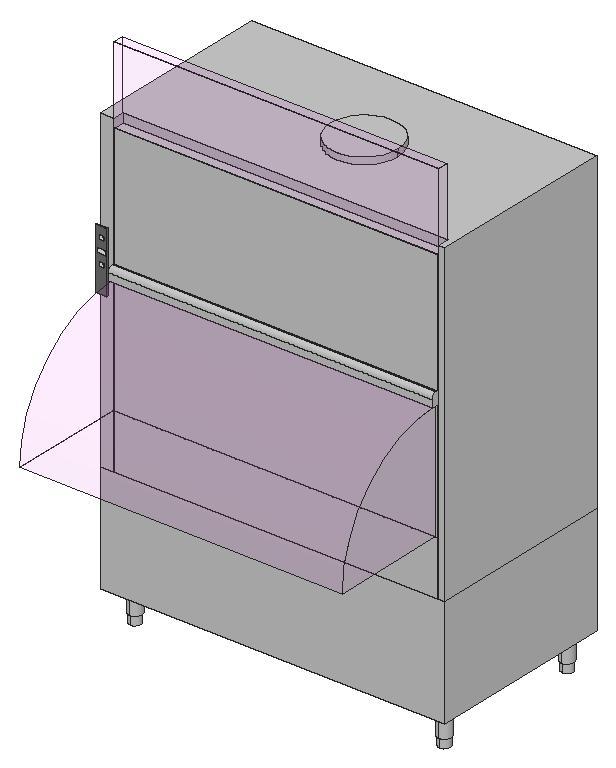
Revit family "Gi1005H", category Equipement spécialisé, Revit 2023
Family settings
  Cote de connecteur circulaire = Utiliser le diamètre
  Type d'élément = Normal
  Numéro OmniClass = 23.40.40.14
  Titre OmniClass = Food Service Equipment
  Basée sur le plan de construction = Non
  Autoriser la découpe dans les vues = Non
  Toujours verticalement = Oui
  Couper avec des vides une fois chargée = Non
  Conserver l'orientation des annotations = Non
  Partagée = Non
  Repère de localisation dans la pièce = Non
Parameters (values of type "6G3170")
  URL catalogo = "https://comenda.eu/wp-content/uploads/2024/02/Scheda-tecnica_G-EVO-1005-R_15.02.2024_ITA.pdf"
  URL = "www.comenda.eu"
  Tensione = 400 V
  Temperatura raccomandata per acqua calda = 50 °C
  Show Logo [instance] = yes
  Show Clearance [instance] = yes
  Protezione contro le sovracorrenti = 32 A
  Elévation par défaut = 0 mm
  Profondità = 870 mm
  Pressione minima acqua calda = 2000.0 Pa
  Potenza elettrica = 15000 W
  Peso netto = 270.00 kg
  Numero dei poli = 3
  Modèle = "G-EVO 1005 R RCD"
  Fabricant = "COMENDA"
  Lunghezza = 1530 mm
  Frequenza = 50 Hz
  Fase = 3
  Diametro raccordo acqua calda = 3/4"
  Diametro dello scarico diretto di acqua = 1 3/8"
  Description = "THREE-PHASE FRONT LOADING POTWASHER  WITH RCD"
  Corrente di funzionamento normale = 23 A
  Assembly Code = ""
  Altezza dello scarico diretto acqua da pavimento finito = 145 mm
  Altezza da terra raccordo acqua calda = 175 mm
  Altezza allacciamento elettrico da pavimento finito = 135 mm
  Altezza = 2055 mm
Types (4, lengths in mm): name | URL catalogo | Profondità | Modèle | Description | Altezza allacciamento elettrico da pavimento finito | Altezza
  6G3190 | "https://comenda.eu/wp-content/uploads/2024/02/Scheda-tecnica_G-EVO-1155-R_15.02.2024_ITA.pdf" | 900 | "G-EVO 1155 R RCD" | "THREE-PHASE FRONT LOADING POTWASHER WITH RCD" | 135 | 1870
  6G3170 | "https://comenda.eu/wp-content/uploads/2024/02/Scheda-tecnica_G-EVO-1005-R_15.02.2024_ITA.pdf" | 870 | "G-EVO 1005 R RCD" | "THREE-PHASE FRONT LOADING POTWASHER  WITH RCD" | 135 | 2055
  6G3277 | "/comenda.eu/wp-content/uploads/2024/02/Scheda-tecnica_G-EVO-1005-R_15.02.2024_ITA.pdf" | 900 | "G-EVO 1005 H RCD" | "THREE-PHASE FRONT LOADING POTWASHER WITH RCD" | 135 | 2020
  G-EVO 1155 H | "https://comenda.eu/wp-content/uploads/2024/02/Scheda-tecnica_G-EVO-1155-R_15.02.2024_ITA.pdf" | 900 | "G-EVO 1155 H R RCD" | "THREE-PHASE FRONT LOADING POTWASHER WITH RCD" | 134 | 2020
Reference planes
  plane 1 "Back": y = 0
  plane 2: z = 0
  plane 3 "Left": x = -30
  plane 4 "Right": x = 1500
  plane 5 "Front": y = -870
  plane 6 "Top": z = 2055
  plane 7: z = 2055
Forms (mm)
  Revolve 1, solid
    sketch origin (60, 0, 0) x (0, 1, 0) y (0, 0, 1)
      loop
        line (-50, 135) -> (-80, 135) -> (-80, 0) -> (-55, 0) -> (-55, 40) -> (-50, 40) -> (-50, 135)
      axis (-80, 0) -> (-80, 135)
    angle from 0 to 360
  Revolve 2, solid
    sketch origin (60, -710, 0) x (0, 1, 0) y (0, 0, 1)
      loop
        line (-20, 135) -> (-50, 135) -> (-50, 0) -> (-25, 0) -> (-25, 40) -> (-20, 40) -> (-20, 135)
      axis (-50, 0) -> (-50, 135)
    angle from 0 to 360
  Revolve 3, solid
    sketch origin (1440, -8.5, 0) x (0, 1, 0) y (0, 0, 1)
      loop
        line (-50, 135) -> (-80, 135) -> (-80, 0) -> (-55, 0) -> (-55, 40) -> (-50, 40) -> (-50, 135)
      axis (-80, 0) -> (-80, 135)
    angle from 0 to 360
  Revolve 4, solid
    sketch origin (1440, -718.5, 0) x (0, 1, 0) y (0, 0, 1)
      loop
        line (-20, 135) -> (-50, 135) -> (-50, 0) -> (-25, 0) -> (-25, 40) -> (-20, 40) -> (-20, 135)
      axis (-50, 0) -> (-50, 135)
    angle from 0 to 360
  Extrusion 5, solid
    sketch origin (0, 0, 721.5) x (1, 0, 0) y (0, 1, 0)
      loop
        line (-30, 0) -> (-30, -840) -> (30, -840) -> (30, -790) -> (1470, -790) -> (1470, -840) -> (1500, -840) -> (1500, 0) -> (-30, 0)
    from -101 to 1305
  Extrusion 6, solid
    sketch origin (0, 0, 0) x (1, 0, 0) y (0, 1, 0)
      loop
        line (-30, 0) -> (-30, -840) -> (1500, -840) -> (1500, 0) -> (-30, 0)
    from 135 to 620
  Extrusion 7, solid
    sketch origin (647, 0, 1895) x (1, 0, 0) y (0, 1, 0)
      loop
        circle (170, -435) r 150
    from 131.5 to 160
  Extrusion 8, solid
    sketch origin (289.25, 0, 0) x (0, 1, 0) y (0, 0, 1)
      loop
        line (-870, 1393) -> (-840, 1393) -> (-840, 1448) -> (-850, 1448)
        arc (-850, 1448) -> (-864.142, 1442.142) -> (-870, 1428) r 20
        line (-870, 1428) -> (-870, 1393)
    from -257.75 to 1179.25
  Extrusion 9, solid
    sketch origin (0, 0, 620.5) x (0, 1, 0) y (1, 0, 0)
      loop
        line (-840, 31.5) -> (-790, 31.5) -> (-790, 1468.5) -> (-840, 1468.5) -> (-840, 31.5)
    from 0 to -244
  Extrusion 10, solid
    sketch origin (0, 0, 911) x (1, 0, 0) y (0, 1, 0)
      loop
        line (31.5, -840) -> (1468.5, -840) -> (1468.5, -790) -> (31.5, -790) -> (31.5, -840)
    from -46 to 537
  Extrusion 11, solid
    sketch origin (0, 0, 1319) x (1, 0, 0) y (0, 1, 0)
      loop
        line (31.5, -840) -> (1468.5, -840) -> (1468.5, -790) -> (31.5, -790) -> (31.5, -840)
    from 129 to 669
  Extrusion 12, solid
    sketch origin (1470, -870, 710) x (0, 1, 0) y (0, 0, -1)
      loop
        line (30, -1278) -> (30, -1620) -> (80, -1620) -> (80, -1278) -> (30, -1278)
    from 0 to 1440
  Extrusion 13, solid
    sketch origin (-775, -868.2, 645.429) x (1, 0, 0) y (0, 0, 1)
      loop
        line (800, 954.969) -> (750, 954.969) -> (750, 684.969) -> (800, 684.969) -> (800, 954.969)
    from 0 to 2
  Extrusion 14, solid
    sketch origin (-1776.493, -868.4, 885.399) x (1, 0, 0) y (0, 0, 1)
      loop
        line (1795, 624) -> (1758, 624) -> (1758, 606) -> (1795, 606) -> (1795, 624)
      loop
        line (1784.5, 569.5) -> (1768.5, 569.5) -> (1768.5, 553.5) -> (1784.5, 553.5) -> (1784.5, 569.5)
      loop
        line (1784.5, 676.5) -> (1768.5, 676.5) -> (1768.5, 660.5) -> (1784.5, 660.5) -> (1784.5, 676.5)
    from 0 to 2
  Extrusion 15, void
    sketch origin (0, 0, 135) x (1, 0, 0) y (0, 1, 0)
      loop
        circle (130.011, -624.993) r 9.55
    from 0 to 40
  Extrusion 16, void
    sketch origin (0, 0, 135) x (1, 0, 0) y (0, 1, 0)
      loop
        circle (750, -580) r 17.5
    from 0 to 10
  Extrusion 17, solid
    sketch origin (0, 0, 135) x (0, 1, 0) y (1, 0, 0)
      loop
        circle (-818, 1415) r 4.875
    from 0 to 1
  Extrusion 18, solid
    sketch origin (-30, 0, 0) x (0, 1, 0) y (0, 0, 1)
      loop
        line (-840, 864.5) -> (-840, 1384.5)
        arc (-840, 1384.5) -> (-1207.696, 1232.196) -> (-1360, 864.5) r 520
        line (-1360, 864.5) -> (-840, 864.5)
    from 60 to 1490
Cuts and joins
  Extrusion 15, Extrusion 16 cuts Extrusion 5
  Extrusion 15, Extrusion 16 cuts Extrusion 6
  joined: Extrusion 5, Extrusion 6
Lines and regions (mm)
  symbolic lines, style "200-EquipBorder-2D"
    curve 1: line (-30, 0, 0) -> (1500, 0, 0)
    curve 2: line (-30, -840, 0) -> (-30, 0, 0)
    curve 3: line (1500, -840, 0) -> (-30, -840, 0)
    curve 4: line (1500, 0, 0) -> (1500, -840, 0)
    curve 11: line (31.5, -840, 0) -> (31.5, -870, 0)
    curve 12: line (31.5, -870, 0) -> (1468.5, -870, 0)
    curve 13: line (1468.5, -870, 0) -> (1468.5, -840, 0)
  symbolic lines, style "QF_Door-Drawer Clearances", visible <- "Show Clearance"
    curve 5: line (30, -840, 0) -> (30, -1247, 0)
    curve 6: line (1468.5, -1247, 0) -> (1468.5, -840, 0)
    curve 7: line (30, -1247, 0) -> (1468.5, -1247, 0)
  symbolic lines, style "200-EquipInternal-2D"
    curve 8: circle (817, -435, 0) r 150 normal (0, 0, 1)
    curve 9: line (30, -840, 0) -> (30, -790, 0)
    curve 10: line (30, -790, 0) -> (1470, -790, 0)
    curve 14: line (1470, -790, 0) -> (1470, -840, 0)
  symbolic lines, style "200-InsPoint-3D"
    curve 15: circle (-30, 0, 0) r 0.2 normal (0, 0, 1)
    curve 16: circle (1500, 0, 0) r 0.2 normal (0, 0, 1)
    curve 17: circle (-30, -840, 0) r 0.2 normal (0, 0, 1)
    curve 18: circle (1500, -840, 0) r 0.2 normal (0, 0, 1)
Dimensions and locks
  "Lunghezza": plane 3 "Left" to plane 4 "Right"
  "Profondità": plane 5 "Front" to plane 1 "Back"
  "Altezza": plane 6 "Top" to level
  Extrusion 7 to cut or joined group of Extrusion 5, Extrusion 6, Extrusion 15, Extrusion 16 = 28.5 mm
  cut or joined group of Extrusion 5, Extrusion 6, Extrusion 15, Extrusion 16 to Extrusion 11 = 38.5 mm
  locked: Extrusion 12 sketch curve to Extrusion 7 at 275
  plane 4 "Right" to plane 3 "Left" = 1530 mm
  plane 6 "Top" to level = 2055 mm
  locked: plane 6 "Top" to cut or joined group of Extrusion 5, Extrusion 6, Extrusion 15, Extrusion 16 at 28.5
  locked: plane 6 "Top" to Extrusion 11 at 67
  locked: cut or joined group of Extrusion 5, Extrusion 6, Extrusion 15, Extrusion 16 to level at 135
  locked: cut or joined group of Extrusion 5, Extrusion 6, Extrusion 15, Extrusion 16 to level at 620
  locked: Extrusion 10 to level at 865
  locked: plane 6 "Top" to Extrusion 10 at 607
  locked: Extrusion 14 to level at 1491.399
  locked: Extrusion 14 to Extrusion 13 at 108.5
  "Altezza": plane 7 to level
  aligned and locked: level to plane 2
  aligned and locked: plane 6 "Top" to Extrusion 7
  aligned and locked: Extrusion 8 sketch curve to Extrusion 10
  aligned and locked: Extrusion 12 sketch curve to Extrusion 11  (x2)
  aligned and locked: cut or joined group of Extrusion 5, Extrusion 6, Extrusion 15, Extrusion 16 to Extrusion 12 sketch curve
  aligned and locked: Extrusion 12 to cut or joined group of Extrusion 5, Extrusion 6, Extrusion 15, Extrusion 16
  aligned and locked: Extrusion 7 to cut or joined group of Extrusion 5, Extrusion 6, Extrusion 15, Extrusion 16
  aligned and locked: Extrusion 9 sketch curve to Extrusion 10
  aligned and locked: Extrusion 8 to Extrusion 10
  aligned and locked: Extrusion 10 to Extrusion 8
  aligned and locked: Extrusion 10 to Extrusion 11
Automatic sketch dimensions
  Revolve 1 sketch curve to level = 0 mm
  plane 1 "Back" to Revolve 1 sketch curve = 80 mm
  Revolve 1 sketch curve to Revolve 1 sketch curve = 25 mm
  Revolve 1 sketch curve to Revolve 1 sketch curve = 5 mm
  level to Revolve 1 sketch curve = 40 mm
  Revolve 1 sketch curve to Revolve 1 sketch curve = 95 mm
  Revolve 1 sketch curve to Revolve 1 sketch curve = 0 mm
  Revolve 1 sketch curve to Revolve 1 sketch curve = 35 mm
  Revolve 1 sketch curve to Revolve 1 sketch curve = 15 mm
  Revolve 2 sketch curve to level = 0 mm
  plane 5 "Front" to Revolve 2 sketch curve = 110 mm
  Revolve 2 sketch curve to Revolve 2 sketch curve = 25 mm
  Revolve 2 sketch curve to Revolve 2 sketch curve = 5 mm
  level to Revolve 2 sketch curve = 40 mm
  Revolve 2 sketch curve to Revolve 2 sketch curve = 95 mm
  Revolve 2 sketch curve to Revolve 2 sketch curve = 0 mm
  Revolve 2 sketch curve to Revolve 2 sketch curve = 35 mm
  Revolve 2 sketch curve to Revolve 2 sketch curve = 15 mm
  Revolve 3 sketch curve to level = 0 mm
  plane 1 "Back" to Revolve 3 sketch curve = 88.5 mm
  Revolve 3 sketch curve to Revolve 3 sketch curve = 25 mm
  Revolve 3 sketch curve to Revolve 3 sketch curve = 5 mm
  level to Revolve 3 sketch curve = 40 mm
  Revolve 3 sketch curve to Revolve 3 sketch curve = 95 mm
  Revolve 3 sketch curve to Revolve 3 sketch curve = 0 mm
  Revolve 3 sketch curve to Revolve 3 sketch curve = 35 mm
  Revolve 3 sketch curve to Revolve 3 sketch curve = 15 mm
  Revolve 4 sketch curve to level = 0 mm
  plane 5 "Front" to Revolve 4 sketch curve = 101.5 mm
  Revolve 4 sketch curve to Revolve 4 sketch curve = 25 mm
  Revolve 4 sketch curve to Revolve 4 sketch curve = 5 mm
  level to Revolve 4 sketch curve = 40 mm
  Revolve 4 sketch curve to Revolve 4 sketch curve = 95 mm
  Revolve 4 sketch curve to Revolve 4 sketch curve = 0 mm
  Revolve 4 sketch curve to Revolve 4 sketch curve = 35 mm
  Revolve 4 sketch curve to Revolve 4 sketch curve = 15 mm
  plane 1 "Back" to Extrusion 5 sketch curve = 0 mm
  Extrusion 5 sketch curve to plane 3 "Left" = 0 mm
  Extrusion 5 sketch curve to plane 4 "Right" = 0 mm
  plane 3 "Left" to Extrusion 5 sketch curve = 60 mm
  plane 4 "Right" to Extrusion 5 sketch curve = 30 mm
  plane 5 "Front" to Extrusion 5 sketch curve = 80 mm
  plane 5 "Front" to Extrusion 5 sketch curve = 30 mm  (x2)
  Extrusion 6 sketch curve to plane 3 "Left" = 0 mm
  Extrusion 6 sketch curve to plane 4 "Right" = 0 mm
  plane 1 "Back" to Extrusion 6 sketch curve = 0 mm
  plane 5 "Front" to Extrusion 6 sketch curve = 30 mm
  plane 4 "Right" to Extrusion 7 sketch curve = 683 mm
  plane 1 "Back" to Extrusion 7 sketch curve = 435 mm
  Extrusion 8 sketch curve to plane 5 "Front" = 0 mm
  Extrusion 8 sketch curve to Extrusion 8 sketch curve = 20 mm
  Extrusion 8 sketch curve to Extrusion 8 sketch curve = 30 mm
  Extrusion 8 sketch curve to Extrusion 8 sketch curve = 35 mm
  Extrusion 9 sketch curve to Extrusion 5 = 0 mm  (x2)
  Extrusion 9 sketch curve to Extrusion 5 = 1.5 mm
  plane 3 "Left" to Extrusion 10 sketch curve = 61.5 mm
  plane 4 "Right" to Extrusion 10 sketch curve = 31.5 mm
  plane 5 "Front" to Extrusion 10 sketch curve = 30 mm
  Extrusion 10 sketch curve to Extrusion 10 sketch curve = 50 mm
  plane 3 "Left" to Extrusion 11 sketch curve = 61.5 mm
  plane 4 "Right" to Extrusion 11 sketch curve = 31.5 mm
  plane 5 "Front" to Extrusion 11 sketch curve = 30 mm
  Extrusion 11 sketch curve to Extrusion 11 sketch curve = 50 mm
  plane 3 "Left" to Extrusion 13 sketch curve = 5 mm
  Extrusion 13 sketch curve to Extrusion 13 sketch curve = 50 mm
  Extrusion 13 sketch curve to plane 6 "Top" = 724.601 mm
  Extrusion 13 sketch curve to Extrusion 13 sketch curve = 270 mm
  plane 3 "Left" to Extrusion 14 sketch curve = 11.507 mm
  plane 3 "Left" to Extrusion 14 sketch curve = 22.007 mm  (x2)
  Extrusion 14 sketch curve to Extrusion 14 sketch curve = 16 mm  (x4)
  Extrusion 14 sketch curve to Extrusion 14 sketch curve = 37 mm
  Extrusion 14 sketch curve to plane 6 "Top" = 616.101 mm
  Extrusion 14 sketch curve to Extrusion 14 sketch curve = 36.5 mm  (x2)
  Extrusion 14 sketch curve to Extrusion 14 sketch curve = 18 mm
  Extrusion 6 to Extrusion 15 sketch curve = 160.011 mm
  Extrusion 6 to Extrusion 15 sketch curve = 215.007 mm
  Extrusion 6 to Extrusion 16 sketch curve = 260 mm
  Extrusion 6 to Extrusion 16 sketch curve = 750 mm
  Extrusion 6 to Extrusion 17 sketch curve = 22 mm
  Extrusion 6 to Extrusion 17 sketch curve = 85 mm
  curve 17 to plane 3 "Left" = 0 mm
  curve 2 to plane 3 "Left" = 0 mm
  plane 1 "Back" to curve 15 = 0 mm
  curve 15 to plane 3 "Left" = 0 mm
  curve 12 to plane 5 "Front" = 0 mm
  plane 1 "Back" to curve 4 = 0 mm
  curve 4 to plane 4 "Right" = 0 mm
  plane 1 "Back" to curve 16 = 0 mm
  curve 16 to plane 4 "Right" = 0 mm
  curve 18 to plane 4 "Right" = 0 mm
  plane 3 "Left" to curve 10 = 60 mm
  plane 3 "Left" to curve 5 = 60 mm
  curve 5 to curve 12 = 1.5 mm
  plane 4 "Right" to curve 8 = 683 mm
  plane 4 "Right" to curve 13 = 31.5 mm
  plane 4 "Right" to curve 7 = 31.5 mm
  plane 4 "Right" to curve 10 = 30 mm
  curve 5 to plane 5 "Front" = 377 mm
  plane 5 "Front" to curve 4 = 30 mm
  curve 18 to curve 3 = 0 mm
  curve 17 to curve 2 = 0 mm
  curve 14 to curve 10 = 50 mm
  plane 1 "Back" to curve 8 = 435 mm
  plane 5 "Front" to Extrusion 18 sketch curve = 30 mm
  level to Extrusion 18 sketch curve = 864.5 mm
  Extrusion 18 sketch curve to plane 5 "Front" = 490 mm
  Extrusion 18 sketch curve to Extrusion 18 sketch curve = 0 mm
  radius of Extrusion 7 sketch curve = 150 mm
  radius of Extrusion 15 sketch curve = 9.55 mm
  radius of Extrusion 16 sketch curve = 17.5 mm
  radius of Extrusion 17 sketch curve = 4.875 mm
  radius of curve 8 = 150 mm
  radius of curve 15 = 0.2 mm
  radius of curve 16 = 0.2 mm
  radius of curve 17 = 0.2 mm
  radius of curve 18 = 0.2 mm
Connectors
  electrical at (1415, -818, 135), driven by "Numero dei poli", driven by "Tensione", driven by "Potenza elettrica"
    settings: on Extrusion 17, index 1, voltage 400 V, apparent load 15000 VA, apparent load phase1 0 VA, apparent load phase2 0 VA, apparent load phase3 0 VA, power factor 1, load classification "Altro", number of poles 3, system type 30, power factor state 1, is connector primary yes, connector utility no, sub classification motor no, connector description "QF_ELECTRICAL_CONNECTION"
  piping at (750, -580, 145), diameter 34.925, driven by "Diametro dello scarico diretto di acqua"
    settings: on cut or joined group of Extrusion 5, Extrusion 6, Extrusion 15, Extrusion 16, index 2, connector inside diameter 24", connector length 0 mm, flow factor 0, pipe flow 0.0 L/s, pressure drop 0.0 Pa, fitting loss kfactor 0, connector angle 0.00°, fixture units 0, engagement length 0 mm, angle of deflection 0.00°, flow configuration 0, flow direction 2, fitting loss method 0, system type 16, joint type 0, gender type 0, connector reference index -1, connector utility 0, adjustable connector no, is connector primary yes, connector description "QF_DRAIN_CONNECTION"
  piping at (130.011, -624.993, 175), diameter 19.05, driven by "Diametro raccordo acqua calda"
    settings: on cut or joined group of Extrusion 5, Extrusion 6, Extrusion 15, Extrusion 16, index 3, connector inside diameter 24", connector length 0 mm, flow factor 0, pipe flow 0.0 L/s, pressure drop 0.0 Pa, fitting loss kfactor 0, connector angle 0.00°, fixture units 0, engagement length 0 mm, angle of deflection 0.00°, flow configuration 0, flow direction 1, fitting loss method 0, system type 19, joint type 0, gender type 0, connector reference index -1, connector utility 0, adjustable connector no, is connector primary no, connector description "QF_WATER_CONNECTION"
  hvac at (817, -435, 2055)
    settings: on Extrusion 7, index 4, duct flow 0.0 L/s, flow factor 0, pres drop 0.0 Pa, loss coef 0, conn angle 0.00°, conn width 304.8 mm, conn height 304.8 mm, conn diameter 300 mm, duct sys type 3, conn prof type 0, flow config 0, flow direction 2, loss method 0, conn ref index -1, conn util no, is conn primary yes, conn desc "QF_EXHAUST_AIR_CONNECTION"
